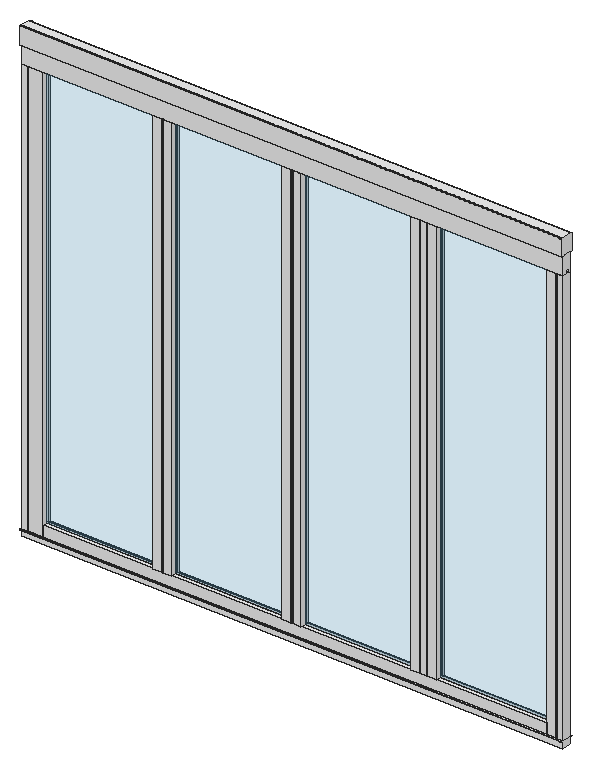
Revit family "Window-NanaWall-HSW-60", category Windows, host Wall, Revit 2013 (continued)
Definition of nested family "Header_HSW60"
  Definition of nested family "Headbottom_HSW60"
    Lines and regions (in)
      model lines, style "DetailComponents", in view "Ref. Level"
        curve 417: line (-0.35496, -8.27911, 0) -> (-0.36725, -8.27911, 0)
        curve 418: line (-0.3684, -8.27844, 0) -> (-0.4441, -8.23473, 0)
        curve 419: line (-0.4441, -8.23473, 0) -> (-0.4654, -8.23473, 0)
        curve 420: line (-0.4654, -8.23473, 0) -> (-0.4441, -8.23473, 0)
        curve 421: line (-0.4441, -8.23473, 0) -> (-0.3684, -8.27844, 0)
        curve 422: line (-0.36725, -8.27911, 0) -> (-0.35496, -8.27911, 0)
        curve 423: line (-0.35496, -8.27911, 0) -> (-0.32789, -8.27911, 0)
        curve 424: line (-0.2442, -8.38461, 0) -> (-0.29373, -8.29883, 0)
        curve 425: line (-0.29373, -8.29883, 0) -> (-0.2442, -8.38461, 0)
        curve 426: line (0.21005, -8.40433, 0) -> (-0.21005, -8.40433, 0)
        curve 427: line (-0.21005, -8.40433, 0) -> (0.21005, -8.40433, 0)
        curve 428: line (0.29373, -8.29883, 0) -> (0.2442, -8.38461, 0)
        curve 429: line (0.2442, -8.38461, 0) -> (0.29373, -8.29883, 0)
        curve 430: line (0.4654, -8.23473, 0) -> (0.4441, -8.23473, 0)
        curve 431: line (0.4441, -8.23473, 0) -> (0.3684, -8.27844, 0)
        curve 432: line (0.36725, -8.27911, 0) -> (0.35496, -8.27911, 0)
        curve 433: line (0.35496, -8.27911, 0) -> (0.32789, -8.27911, 0)
        curve 434: line (0.32789, -8.27911, 0) -> (0.35496, -8.27911, 0)
        curve 435: line (0.35496, -8.27911, 0) -> (0.36725, -8.27911, 0)
        curve 436: line (0.3684, -8.27844, 0) -> (0.4441, -8.23473, 0)
        curve 437: line (0.4441, -8.23473, 0) -> (0.4654, -8.23473, 0)
        curve 438: line (0.35749, -8.35799, 0) -> (0.36725, -8.35799, 0)
        curve 439: line (0.3684, -8.35865, 0) -> (0.4441, -8.40236, 0)
        curve 440: line (0.4441, -8.40236, 0) -> (0.4654, -8.40236, 0)
        curve 441: line (0.4654, -8.40236, 0) -> (0.4441, -8.40236, 0)
        curve 442: line (0.4441, -8.40236, 0) -> (0.3684, -8.35865, 0)
        curve 443: line (0.36725, -8.35799, 0) -> (0.35749, -8.35799, 0)
        curve 444: line (0.35749, -8.35799, 0) -> (0.33239, -8.45147, 0)
        curve 445: line (0.33239, -8.45148, 0) -> (0.35523, -8.36623, 0)
        curve 446: line (-0.2647, -8.47927, 0) -> (0.2647, -8.47927, 0)
        curve 447: line (0.2647, -8.47927, 0) -> (-0.2647, -8.47927, 0)
        curve 448: line (0.28178, -8.46941, 0) -> (0.34041, -8.36785, 0)
        curve 449: line (0.34041, -8.36785, 0) -> (0.28178, -8.46941, 0)
        curve 450: line (-0.34041, -7.51988, 0) -> (-0.28178, -7.41832, 0)
        curve 451: line (-0.28178, -7.41832, 0) -> (-0.34041, -7.51988, 0)
        curve 452: line (-0.47329, -7.49325, 0) -> (-0.47329, -7.6451, 0)
        curve 453: line (-0.47329, -7.6451, 0) -> (-0.47329, -7.49325, 0)
        curve 454: line (-0.47329, -7.49325, 0) -> (-0.47329, -7.6451, 0)
        curve 455: line (-0.47329, -7.6451, 0) -> (-0.47329, -7.49325, 0)
        curve 456: line (-0.47329, -7.49325, 0) -> (-0.47329, -7.6451, 0)
        curve 457: line (-0.47329, -7.6451, 0) -> (-0.47329, -7.49325, 0)
        curve 458: line (-0.32789, -7.60862, 0) -> (-0.35496, -7.60862, 0)
        curve 459: line (-0.35496, -7.60862, 0) -> (-0.36725, -7.60862, 0)
        curve 460: line (-0.3684, -7.60929, 0) -> (-0.4441, -7.65299, 0)
        curve 461: line (-0.4441, -7.65299, 0) -> (-0.4654, -7.65299, 0)
        curve 462: line (-0.4654, -7.65299, 0) -> (-0.4441, -7.65299, 0)
        curve 463: line (-0.4441, -7.65299, 0) -> (-0.3684, -7.60929, 0)
        curve 464: line (-0.36725, -7.60862, 0) -> (-0.35496, -7.60862, 0)
        curve 465: line (-0.35496, -7.60862, 0) -> (-0.32789, -7.60862, 0)
        curve 466: line (-0.2442, -7.50311, 0) -> (-0.29373, -7.5889, 0)
        curve 467: line (-0.29373, -7.5889, 0) -> (-0.2442, -7.50311, 0)
        curve 468: line (0.21005, -7.48339, 0) -> (-0.21005, -7.48339, 0)
        curve 469: line (-0.21005, -7.48339, 0) -> (0.21005, -7.48339, 0)
        curve 470: line (0.29373, -7.5889, 0) -> (0.2442, -7.50311, 0)
        curve 471: line (0.2442, -7.50311, 0) -> (0.29373, -7.5889, 0)
        curve 472: line (0.47329, -7.49325, 0) -> (0.47329, -7.6451, 0)
        curve 473: line (0.47329, -7.6451, 0) -> (0.47329, -7.49325, 0)
        curve 474: line (0.47329, -7.49325, 0) -> (0.47329, -7.6451, 0)
        curve 475: line (0.47329, -7.6451, 0) -> (0.47329, -7.49325, 0)
        curve 476: line (0.47329, -7.49325, 0) -> (0.47329, -7.6451, 0)
        curve 477: line (0.47329, -7.6451, 0) -> (0.47329, -7.49325, 0)
        curve 478: line (0.33239, -7.43625, 0) -> (0.35749, -7.52974, 0)
        curve 479: line (0.35749, -7.52974, 0) -> (0.36725, -7.52974, 0)
        curve 480: line (0.3684, -7.52907, 0) -> (0.4441, -7.48537, 0)
        curve 481: line (0.4441, -7.48537, 0) -> (0.4654, -7.48537, 0)
        curve 482: line (0.4654, -7.48537, 0) -> (0.4441, -7.48537, 0)
        curve 483: line (0.4441, -7.48537, 0) -> (0.3684, -7.52907, 0)
        curve 484: line (0.36725, -7.52974, 0) -> (0.35749, -7.52974, 0)
        curve 485: line (0.35749, -7.52974, 0) -> (0.33239, -7.43625, 0)
        curve 486: line (0.28178, -7.41832, 0) -> (0.34041, -7.51988, 0)
        curve 487: line (0.34041, -7.51988, 0) -> (0.28178, -7.41832, 0)
        curve 488: line (-0.2647, -7.40846, 0) -> (0.2647, -7.40846, 0)
        curve 489: line (0.2647, -7.40846, 0) -> (-0.2647, -7.40846, 0)
        curve 490: line (1.01362, -4.94639, 0) -> (1.01362, -4.96611, 0)
        curve 491: line (1.01362, -4.96611, 0) -> (1.07278, -4.96611, 0)
        curve 492: line (1.07278, -4.96611, 0) -> (1.07278, -5.01738, 0)
        curve 493: line (1.07278, -5.01738, 0) -> (1.0294, -5.01738, 0)
        curve 494: line (1.0294, -5.01738, 0) -> (1.0294, -5.0371, 0)
        curve 495: line (1.0294, -5.0371, 0) -> (1.0294, -5.01738, 0)
        curve 496: line (1.0294, -5.01738, 0) -> (1.07278, -5.01738, 0)
        curve 497: line (1.07278, -5.01738, 0) -> (1.07278, -4.96611, 0)
        curve 498: line (1.07278, -4.96611, 0) -> (1.01362, -4.96611, 0)
        curve 499: line (1.01362, -4.96611, 0) -> (1.01362, -4.94639, 0)
        curve 500: line (1.12405, -8.47631, 0) -> (1.17138, -8.47631, 0)
        curve 501: line (1.17138, -8.47631, 0) -> (1.17138, -4.92667, 0)
        curve 502: line (1.17138, -4.92667, 0) -> (1.03334, -4.92667, 0)
        curve 503: line (1.03334, -4.92667, 0) -> (1.17138, -4.92667, 0)
        curve 504: line (1.17138, -4.92667, 0) -> (1.17138, -8.47631, 0)
        curve 505: line (1.17138, -8.47631, 0) -> (1.12405, -8.47631, 0)
        curve 506: line (1.10433, -8.35404, 0) -> (1.10433, -8.45659, 0)
        curve 507: line (1.10433, -8.45659, 0) -> (1.10433, -8.35404, 0)
        curve 508: line (0.93868, -8.1805, 0) -> (1.0008, -8.1805, 0)
        curve 509: line (1.0008, -8.1805, 0) -> (0.93868, -8.1805, 0)
        curve 510: line (0.93079, -8.26727, 0) -> (0.89924, -8.26727, 0)
        curve 511: line (0.89924, -8.26727, 0) -> (0.89924, -8.21994, 0)
        curve 512: line (0.89924, -8.21994, 0) -> (0.89924, -8.26727, 0)
        curve 513: line (0.89924, -8.26727, 0) -> (0.93079, -8.26727, 0)
        curve 514: line (0.90368, -8.43049, 0) -> (0.9495, -8.29324, 0)
        curve 515: line (0.9495, -8.29324, 0) -> (0.90368, -8.43049, 0)
        curve 516: line (0.35144, -8.47631, 0) -> (0.67169, -8.47631, 0)
        curve 517: line (0.67169, -8.47631, 0) -> (0.69218, -8.46448, 0)
        curve 518: line (0.69218, -8.46448, 0) -> (0.71267, -8.47631, 0)
        curve 519: line (0.71267, -8.47631, 0) -> (0.84008, -8.47631, 0)
        curve 520: line (0.84008, -8.47631, 0) -> (0.71267, -8.47631, 0)
        curve 521: line (0.71267, -8.47631, 0) -> (0.69218, -8.46448, 0)
        curve 522: line (0.69218, -8.46448, 0) -> (0.67169, -8.47631, 0)
        curve 523: line (0.67169, -8.47631, 0) -> (0.35144, -8.47631, 0)
        curve 524: line (0.46145, -8.41609, 0) -> (0.44249, -8.40514, 0)
        curve 525: line (0.44249, -8.40514, 0) -> (0.3668, -8.36144, 0)
        curve 526: line (0.3668, -8.36144, 0) -> (0.44249, -8.40514, 0)
        curve 527: line (0.44249, -8.40514, 0) -> (0.46145, -8.41609, 0)
        curve 528: line (0.47329, -8.22783, 0) -> (0.47329, -8.24262, 0)
        curve 529: line (0.47329, -8.24262, 0) -> (0.47329, -8.39447, 0)
        curve 530: line (0.47329, -8.39447, 0) -> (0.47329, -8.40926, 0)
        curve 531: line (0.47329, -8.40926, 0) -> (0.47329, -8.39447, 0)
        curve 532: line (0.47329, -8.39447, 0) -> (0.47329, -8.24262, 0)
        curve 533: line (0.47329, -8.24262, 0) -> (0.47329, -8.39447, 0)
        curve 534: line (0.47329, -8.39447, 0) -> (0.47329, -8.24262, 0)
        curve 535: line (0.47329, -8.24262, 0) -> (0.47329, -8.39447, 0)
        curve 536: line (0.47329, -8.39447, 0) -> (0.47329, -8.24262, 0)
        curve 537: line (0.47329, -8.24262, 0) -> (0.47329, -8.22783, 0)
        curve 538: line (0.3668, -8.27565, 0) -> (0.44249, -8.23195, 0)
        curve 539: line (0.44249, -8.23195, 0) -> (0.46145, -8.221, 0)
        curve 540: line (0.46145, -8.221, 0) -> (0.44249, -8.23195, 0)
        curve 541: line (0.44249, -8.23195, 0) -> (0.3668, -8.27565, 0)
        curve 542: line (0.35496, -8.27911, 0) -> (0.35496, -8.21417, 0)
        curve 543: line (0.35496, -8.21417, 0) -> (0.35496, -8.26882, 0)
        curve 544: line (0.37468, -7.70771, 0) -> (0.47329, -7.76464, 0)
        curve 545: line (0.47329, -7.76464, 0) -> (0.47329, -8.12309, 0)
        curve 546: line (0.47329, -8.12309, 0) -> (0.37468, -8.18001, 0)
        curve 547: line (0.37468, -8.18001, 0) -> (0.47329, -8.12309, 0)
        curve 548: line (0.47329, -8.12309, 0) -> (0.47329, -7.76464, 0)
        curve 549: line (0.47329, -7.76464, 0) -> (0.37468, -7.70771, 0)
        curve 550: line (0.4654, -7.65299, 0) -> (0.4441, -7.65299, 0)
        curve 551: line (0.4441, -7.65299, 0) -> (0.3684, -7.60929, 0)
        curve 552: line (0.36725, -7.60862, 0) -> (0.35496, -7.60862, 0)
        curve 553: line (0.35496, -7.60862, 0) -> (0.32789, -7.60862, 0)
        curve 554: line (0.32789, -7.60862, 0) -> (0.35496, -7.60862, 0)
        curve 555: line (0.35496, -7.60862, 0) -> (0.36725, -7.60862, 0)
        curve 556: line (0.3684, -7.60929, 0) -> (0.4441, -7.65299, 0)
        curve 557: line (0.4441, -7.65299, 0) -> (0.4654, -7.65299, 0)
        curve 558: line (0.4654, -7.65299, 0) -> (0.4441, -7.65299, 0)
        curve 559: line (0.4441, -7.65299, 0) -> (0.3684, -7.60929, 0)
        curve 560: line (0.36725, -7.60862, 0) -> (0.35496, -7.60862, 0)
        curve 561: line (0.35496, -7.60862, 0) -> (0.35496, -7.67355, 0)
        curve 562: line (0.35496, -7.67355, 0) -> (0.35496, -7.60862, 0)
        curve 563: line (0.65866, -7.41142, 0) -> (0.35144, -7.41142, 0)
        curve 564: line (0.35144, -7.41142, 0) -> (0.65866, -7.41142, 0)
        curve 565: line (0.77698, -7.10378, 0) -> (0.77698, -7.29309, 0)
        curve 566: line (0.77698, -7.29309, 0) -> (0.77698, -7.10378, 0)
        curve 567: line (0.93474, -7.08406, 0) -> (0.7967, -7.08406, 0)
        curve 568: line (0.7967, -7.08406, 0) -> (0.93474, -7.08406, 0)
        curve 569: line (1.01362, -6.19714, 0) -> (1.01362, -7.00518, 0)
        curve 570: line (1.01362, -7.00518, 0) -> (1.01362, -6.19714, 0)
        curve 571: line (0.91282, -6.00142, 0) -> (1.00305, -6.1577, 0)
        curve 572: line (1.00305, -6.1577, 0) -> (0.91282, -6.00142, 0)
        curve 573: line (0.6133, -5.99156, 0) -> (0.89575, -5.99156, 0)
        curve 574: line (0.89575, -5.99156, 0) -> (0.6133, -5.99156, 0)
        curve 575: line (0.55768, -6.10646, 0) -> (0.59477, -6.00453, 0)
        curve 576: line (0.59477, -6.00453, 0) -> (0.55768, -6.10646, 0)
        curve 577: line (0.48117, -5.81408, 0) -> (0.48117, -6.09297, 0)
        curve 578: line (0.48117, -6.09297, 0) -> (0.48117, -5.81408, 0)
        curve 579: line (1.03334, -5.79436, 0) -> (0.50089, -5.79436, 0)
        curve 580: line (0.50089, -5.79436, 0) -> (1.03334, -5.79436, 0)
        curve 581: line (1.07278, -5.22247, 0) -> (1.07278, -5.75492, 0)
        curve 582: line (1.07278, -5.75492, 0) -> (1.07278, -5.22247, 0)
        curve 583: line (0.8953, -5.26191, 0) -> (0.8953, -5.20275, 0)
        curve 584: line (0.8953, -5.20275, 0) -> (1.05306, -5.20275, 0)
        curve 585: line (1.05306, -5.20275, 0) -> (0.8953, -5.20275, 0)
        curve 586: line (0.8953, -5.20275, 0) -> (0.8953, -5.26191, 0)
        curve 587: line (0.84403, -5.28163, 0) -> (0.87558, -5.28163, 0)
        curve 588: line (0.87558, -5.28163, 0) -> (0.84403, -5.28163, 0)
        curve 589: line (0.71782, -5.20275, 0) -> (0.82431, -5.20275, 0)
        curve 590: line (0.82431, -5.20275, 0) -> (0.82431, -5.26191, 0)
        curve 591: line (0.82431, -5.26191, 0) -> (0.82431, -5.20275, 0)
        curve 592: line (0.82431, -5.20275, 0) -> (0.71782, -5.20275, 0)
        curve 593: line (0.6981, -4.94639, 0) -> (0.6981, -5.18303, 0)
        curve 594: line (0.6981, -5.18303, 0) -> (0.6981, -4.94639, 0)
        curve 595: line (0.81642, -4.92667, 0) -> (0.71782, -4.92667, 0)
        curve 596: line (0.71782, -4.92667, 0) -> (0.81642, -4.92667, 0)
        curve 597: line (0.82036, -5.0371, 0) -> (0.82036, -5.01738, 0)
        curve 598: line (0.82036, -5.01738, 0) -> (0.77698, -5.01738, 0)
        curve 599: line (0.77698, -5.01738, 0) -> (0.77698, -4.96611, 0)
        curve 600: line (0.77698, -4.96611, 0) -> (0.83614, -4.96611, 0)
        curve 601: line (0.83614, -4.96611, 0) -> (0.83614, -4.94639, 0)
        curve 602: line (0.83614, -4.94639, 0) -> (0.83614, -4.96611, 0)
        curve 603: line (0.83614, -4.96611, 0) -> (0.77698, -4.96611, 0)
        curve 604: line (0.77698, -4.96611, 0) -> (0.77698, -5.01738, 0)
        curve 605: line (0.77698, -5.01738, 0) -> (0.82036, -5.01738, 0)
        curve 606: line (0.82036, -5.01738, 0) -> (0.82036, -5.0371, 0)
        curve 607: line (1.04912, -5.05682, 0) -> (1.07278, -5.05682, 0)
        curve 608: line (1.07278, -5.05682, 0) -> (1.07278, -5.12387, 0)
        curve 609: line (1.07278, -5.12387, 0) -> (0.77698, -5.12387, 0)
        curve 610: line (0.77698, -5.12387, 0) -> (0.77698, -5.05682, 0)
        curve 611: line (0.77698, -5.05682, 0) -> (0.80064, -5.05682, 0)
        curve 612: line (0.80064, -5.05682, 0) -> (0.77698, -5.05682, 0)
        curve 613: line (0.77698, -5.05682, 0) -> (0.77698, -5.12387, 0)
        curve 614: line (0.77698, -5.12387, 0) -> (1.07278, -5.12387, 0)
        curve 615: line (1.07278, -5.12387, 0) -> (1.07278, -5.05682, 0)
        curve 616: line (1.07278, -5.05682, 0) -> (1.04912, -5.05682, 0)
        curve 617: line (0.84008, -8.21994, 0) -> (0.84008, -8.40926, 0)
        curve 618: line (0.84008, -8.40926, 0) -> (0.55217, -8.40926, 0)
        curve 619: line (0.55217, -8.40926, 0) -> (0.55217, -7.47846, 0)
        curve 620: line (0.55217, -7.47846, 0) -> (0.66072, -7.47846, 0)
        curve 621: line (0.66072, -7.47846, 0) -> (0.55217, -7.47846, 0)
        curve 622: line (0.55217, -7.47846, 0) -> (0.55217, -8.40926, 0)
        curve 623: line (0.55217, -8.40926, 0) -> (0.84008, -8.40926, 0)
        curve 624: line (0.84008, -8.40926, 0) -> (0.84008, -8.21994, 0)
        curve 625: line (0.84403, -7.3207, 0) -> (0.86375, -7.3207, 0)
        curve 626: line (0.86375, -7.3207, 0) -> (0.86375, -7.24182, 0)
        curve 627: line (0.86375, -7.24182, 0) -> (0.84403, -7.24182, 0)
        curve 628: line (0.84403, -7.24182, 0) -> (0.84403, -7.16294, 0)
        curve 629: line (0.84403, -7.16294, 0) -> (1.10039, -7.16294, 0)
        curve 630: line (1.10039, -7.16294, 0) -> (1.10039, -8.11346, 0)
        curve 631: line (1.10039, -8.11346, 0) -> (0.94657, -8.11346, 0)
        curve 632: line (0.94657, -8.11346, 0) -> (1.10039, -8.11346, 0)
        curve 633: line (1.10039, -8.11346, 0) -> (1.10039, -7.16294, 0)
        curve 634: line (1.10039, -7.16294, 0) -> (0.84403, -7.16294, 0)
        curve 635: line (0.84403, -7.16294, 0) -> (0.84403, -7.24182, 0)
        curve 636: line (0.84403, -7.24182, 0) -> (0.86375, -7.24182, 0)
        curve 637: line (0.86375, -7.24182, 0) -> (0.86375, -7.3207, 0)
        curve 638: line (0.86375, -7.3207, 0) -> (0.84403, -7.3207, 0)
        curve 639: line (-0.84196, -7.3207, 0) -> (-0.86375, -7.3207, 0)
        curve 640: line (-0.86375, -7.3207, 0) -> (-0.86375, -7.24182, 0)
        curve 641: line (-0.86375, -7.24182, 0) -> (-0.84403, -7.24182, 0)
        curve 642: line (-0.84403, -7.24182, 0) -> (-0.84403, -7.16294, 0)
        curve 643: line (-0.84403, -7.16294, 0) -> (-1.10039, -7.16294, 0)
        curve 644: line (-1.10039, -7.16294, 0) -> (-1.10039, -8.33038, 0)
        curve 645: line (-1.10039, -8.33038, 0) -> (-0.97671, -8.33038, 0)
        curve 646: line (-0.97671, -8.33038, 0) -> (-0.84008, -8.40926, 0)
        curve 647: line (-0.84008, -8.40926, 0) -> (-0.55217, -8.40926, 0)
        curve 648: line (-0.55217, -8.40926, 0) -> (-0.55217, -7.47846, 0)
        curve 649: line (-0.55217, -7.47846, 0) -> (-0.65866, -7.47846, 0)
        curve 650: line (-0.65866, -7.47846, 0) -> (-0.55217, -7.47846, 0)
        curve 651: line (-0.55217, -7.47846, 0) -> (-0.55217, -8.40926, 0)
        curve 652: line (-0.55217, -8.40926, 0) -> (-0.84008, -8.40926, 0)
        curve 653: line (-0.84008, -8.40926, 0) -> (-0.97671, -8.33038, 0)
        curve 654: line (-0.97671, -8.33038, 0) -> (-1.10039, -8.33038, 0)
        curve 655: line (-1.10039, -8.33038, 0) -> (-1.10039, -7.16294, 0)
        curve 656: line (-1.10039, -7.16294, 0) -> (-0.84403, -7.16294, 0)
        curve 657: line (-0.84403, -7.16294, 0) -> (-0.84403, -7.24182, 0)
        curve 658: line (-0.84403, -7.24182, 0) -> (-0.86375, -7.24182, 0)
        curve 659: line (-0.86375, -7.24182, 0) -> (-0.86375, -7.3207, 0)
        curve 660: line (-0.86375, -7.3207, 0) -> (-0.84196, -7.3207, 0)
        curve 661: line (-1.0294, -5.0371, 0) -> (-1.0294, -5.01738, 0)
        curve 662: line (-1.0294, -5.01738, 0) -> (-1.07278, -5.01738, 0)
        curve 663: line (-1.07278, -5.01738, 0) -> (-1.07278, -4.96611, 0)
        curve 664: line (-1.07278, -4.96611, 0) -> (-1.01362, -4.96611, 0)
        curve 665: line (-1.01362, -4.96611, 0) -> (-1.01362, -4.94639, 0)
        curve 666: line (-1.01362, -4.94639, 0) -> (-1.01362, -4.96611, 0)
        curve 667: line (-1.01362, -4.96611, 0) -> (-1.07278, -4.96611, 0)
        curve 668: line (-1.07278, -4.96611, 0) -> (-1.07278, -5.01738, 0)
        curve 669: line (-1.07278, -5.01738, 0) -> (-1.0294, -5.01738, 0)
        curve 670: line (-1.0294, -5.01738, 0) -> (-1.0294, -5.0371, 0)
        curve 671: line (-1.03334, -4.92667, 0) -> (-1.17138, -4.92667, 0)
        curve 672: line (-1.17138, -4.92667, 0) -> (-1.17138, -9.24934, 0)
        curve 673: line (-1.17138, -9.24934, 0) -> (-0.9939, -9.24934, 0)
        curve 674: line (-0.9939, -9.24934, 0) -> (-0.9939, -9.16257, 0)
        curve 675: line (-0.9939, -9.16257, 0) -> (-0.9939, -9.24934, 0)
        curve 676: line (-0.9939, -9.24934, 0) -> (-1.17138, -9.24934, 0)
        curve 677: line (-1.17138, -9.24934, 0) -> (-1.17138, -4.92667, 0)
        curve 678: line (-1.17138, -4.92667, 0) -> (-1.03334, -4.92667, 0)
        curve 679: line (-1.00573, -9.15074, 0) -> (-1.03334, -9.15074, 0)
        curve 680: line (-1.03334, -9.15074, 0) -> (-1.03334, -9.19018, 0)
        curve 681: line (-1.03334, -9.19018, 0) -> (-1.11222, -9.19018, 0)
        curve 682: line (-1.11222, -9.19018, 0) -> (-1.11222, -8.83127, 0)
        curve 683: line (-1.11222, -8.83127, 0) -> (-1.03334, -8.83127, 0)
        curve 684: line (-1.03334, -8.83127, 0) -> (-1.03334, -8.87071, 0)
        curve 685: line (-1.03334, -8.87071, 0) -> (-1.00573, -8.87071, 0)
        curve 686: line (-1.00573, -8.87071, 0) -> (-1.03334, -8.87071, 0)
        curve 687: line (-1.03334, -8.87071, 0) -> (-1.03334, -8.83127, 0)
        curve 688: line (-1.03334, -8.83127, 0) -> (-1.11222, -8.83127, 0)
        curve 689: line (-1.11222, -8.83127, 0) -> (-1.11222, -9.19018, 0)
        curve 690: line (-1.11222, -9.19018, 0) -> (-1.03334, -9.19018, 0)
        curve 691: line (-1.03334, -9.19018, 0) -> (-1.03334, -9.15074, 0)
        curve 692: line (-1.03334, -9.15074, 0) -> (-1.00573, -9.15074, 0)
        curve 693: line (-0.9939, -8.85888, 0) -> (-0.9939, -8.8155, 0)
        curve 694: line (-0.9939, -8.8155, 0) -> (-0.9939, -8.85888, 0)
        curve 695: line (-1.03334, -8.77606, 0) -> (-1.10039, -8.77606, 0)
        curve 696: line (-1.10039, -8.77606, 0) -> (-1.10039, -8.39743, 0)
        curve 697: line (-1.10039, -8.39743, 0) -> (-0.99467, -8.39743, 0)
        curve 698: line (-0.99467, -8.39743, 0) -> (-0.87361, -8.46732, 0)
        curve 699: line (-0.87361, -8.46732, 0) -> (-0.99467, -8.39743, 0)
        curve 700: line (-0.99467, -8.39743, 0) -> (-1.10039, -8.39743, 0)
        curve 701: line (-1.10039, -8.39743, 0) -> (-1.10039, -8.77606, 0)
        curve 702: line (-1.10039, -8.77606, 0) -> (-1.03334, -8.77606, 0)
        curve 703: line (-0.84008, -8.47631, 0) -> (-0.71267, -8.47631, 0)
        curve 704: line (-0.71267, -8.47631, 0) -> (-0.69218, -8.46448, 0)
        curve 705: line (-0.69218, -8.46448, 0) -> (-0.67203, -8.47611, 0)
        curve 706: line (-0.67169, -8.47631, 0) -> (-0.35144, -8.47631, 0)
        curve 707: line (-0.35144, -8.47631, 0) -> (-0.67169, -8.47631, 0)
        curve 708: line (-0.67169, -8.47631, 0) -> (-0.69218, -8.46448, 0)
        curve 709: line (-0.69218, -8.46448, 0) -> (-0.71267, -8.47631, 0)
        curve 710: line (-0.71267, -8.47631, 0) -> (-0.84008, -8.47631, 0)
        curve 711: line (-0.37468, -7.70771, 0) -> (-0.47329, -7.76464, 0)
        curve 712: line (-0.47329, -7.76464, 0) -> (-0.47329, -8.12309, 0)
        curve 713: line (-0.47329, -8.12309, 0) -> (-0.37468, -8.18001, 0)
        curve 714: line (-0.37468, -8.18001, 0) -> (-0.47329, -8.12309, 0)
        curve 715: line (-0.47329, -8.12309, 0) -> (-0.47329, -7.76464, 0)
        curve 716: line (-0.47329, -7.76464, 0) -> (-0.37468, -7.70771, 0)
        curve 717: line (-0.4654, -7.65299, 0) -> (-0.4441, -7.65299, 0)
        curve 718: line (-0.4441, -7.65299, 0) -> (-0.3684, -7.60929, 0)
        curve 719: line (-0.36725, -7.60862, 0) -> (-0.35496, -7.60862, 0)
        curve 720: line (-0.35496, -7.60862, 0) -> (-0.35496, -7.67355, 0)
        curve 721: line (-0.35496, -7.67355, 0) -> (-0.35496, -7.60862, 0)
        curve 722: line (-0.35144, -7.41142, 0) -> (-0.65866, -7.41142, 0)
        curve 723: line (-0.65866, -7.41142, 0) -> (-0.35144, -7.41142, 0)
        curve 724: line (-0.7967, -7.08406, 0) -> (-0.93474, -7.08406, 0)
        curve 725: line (-0.93474, -7.08406, 0) -> (-0.7967, -7.08406, 0)
        curve 726: line (-1.01362, -7.00518, 0) -> (-1.01362, -6.19714, 0)
        curve 727: line (-1.01362, -6.19714, 0) -> (-1.01362, -7.00518, 0)
        curve 728: line (-1.00305, -6.1577, 0) -> (-0.91282, -6.00142, 0)
        curve 729: line (-0.91282, -6.00142, 0) -> (-1.00305, -6.1577, 0)
        curve 730: line (-0.89575, -5.99156, 0) -> (-0.6133, -5.99156, 0)
        curve 731: line (-0.6133, -5.99156, 0) -> (-0.89575, -5.99156, 0)
        curve 732: line (-0.59477, -6.00453, 0) -> (-0.55768, -6.10646, 0)
        curve 733: line (-0.55768, -6.10646, 0) -> (-0.59477, -6.00453, 0)
        curve 734: line (-0.48117, -6.09297, 0) -> (-0.48117, -5.81408, 0)
        curve 735: line (-0.48117, -5.81408, 0) -> (-0.48117, -6.09297, 0)
        curve 736: line (-0.50089, -5.79436, 0) -> (-1.03334, -5.79436, 0)
        curve 737: line (-1.03334, -5.79436, 0) -> (-0.50089, -5.79436, 0)
        curve 738: line (-1.07278, -5.75492, 0) -> (-1.07278, -5.22247, 0)
        curve 739: line (-1.07278, -5.22247, 0) -> (-1.07278, -5.75492, 0)
        curve 740: line (-1.05306, -5.20275, 0) -> (-0.8953, -5.20275, 0)
        curve 741: line (-0.8953, -5.20275, 0) -> (-0.8953, -5.26191, 0)
        curve 742: line (-0.8953, -5.26191, 0) -> (-0.8953, -5.20275, 0)
        curve 743: line (-0.8953, -5.20275, 0) -> (-1.05306, -5.20275, 0)
        curve 744: line (-0.87558, -5.28163, 0) -> (-0.84403, -5.28163, 0)
        curve 745: line (-0.84403, -5.28163, 0) -> (-0.87558, -5.28163, 0)
        curve 746: line (-0.82431, -5.26191, 0) -> (-0.82431, -5.20275, 0)
        curve 747: line (-0.82431, -5.20275, 0) -> (-0.71782, -5.20275, 0)
        curve 748: line (-0.71782, -5.20275, 0) -> (-0.82431, -5.20275, 0)
        curve 749: line (-0.82431, -5.20275, 0) -> (-0.82431, -5.26191, 0)
        curve 750: line (-0.6981, -5.18303, 0) -> (-0.6981, -4.94639, 0)
        curve 751: line (-0.6981, -4.94639, 0) -> (-0.6981, -5.18303, 0)
        curve 752: line (-0.71782, -4.92667, 0) -> (-0.81642, -4.92667, 0)
        curve 753: line (-0.81642, -4.92667, 0) -> (-0.71782, -4.92667, 0)
        curve 754: line (-0.83614, -4.94639, 0) -> (-0.83614, -4.96611, 0)
        curve 755: line (-0.83614, -4.96611, 0) -> (-0.77698, -4.96611, 0)
        curve 756: line (-0.77698, -4.96611, 0) -> (-0.77698, -5.01738, 0)
        curve 757: line (-0.77698, -5.01738, 0) -> (-0.82036, -5.01738, 0)
        curve 758: line (-0.82036, -5.01738, 0) -> (-0.82036, -5.0371, 0)
        curve 759: line (-0.82036, -5.0371, 0) -> (-0.82036, -5.01738, 0)
        curve 760: line (-0.82036, -5.01738, 0) -> (-0.77698, -5.01738, 0)
        curve 761: line (-0.77698, -5.01738, 0) -> (-0.77698, -4.96611, 0)
        curve 762: line (-0.77698, -4.96611, 0) -> (-0.83614, -4.96611, 0)
        curve 763: line (-0.83614, -4.96611, 0) -> (-0.83614, -4.94639, 0)
        curve 764: line (-0.80064, -5.05682, 0) -> (-0.77698, -5.05682, 0)
        curve 765: line (-0.77698, -5.05682, 0) -> (-0.77698, -5.12387, 0)
        curve 766: line (-0.77698, -5.12387, 0) -> (-1.07278, -5.12387, 0)
        curve 767: line (-1.07278, -5.12387, 0) -> (-1.07278, -5.05682, 0)
        curve 768: line (-1.07278, -5.05682, 0) -> (-1.04912, -5.05682, 0)
        curve 769: line (-1.04912, -5.05682, 0) -> (-1.07278, -5.05682, 0)
        curve 770: line (-1.07278, -5.05682, 0) -> (-1.07278, -5.12387, 0)
        curve 771: line (-1.07278, -5.12387, 0) -> (-0.77698, -5.12387, 0)
        curve 772: line (-0.77698, -5.12387, 0) -> (-0.77698, -5.05682, 0)
        curve 773: line (-0.77698, -5.05682, 0) -> (-0.80064, -5.05682, 0)
        curve 774: line (-0.77698, -7.29309, 0) -> (-0.77698, -7.10378, 0)
        curve 775: line (-0.77698, -7.10378, 0) -> (-0.77698, -7.29309, 0)
        curve 776: line (-0.35749, -8.35799, 0) -> (-0.36725, -8.35799, 0)
        curve 777: line (-0.3684, -8.35865, 0) -> (-0.4441, -8.40236, 0)
        curve 778: line (-0.4441, -8.40236, 0) -> (-0.4654, -8.40236, 0)
        curve 779: line (-0.4654, -8.40236, 0) -> (-0.4441, -8.40236, 0)
        curve 780: line (-0.4441, -8.40236, 0) -> (-0.3684, -8.35865, 0)
        curve 781: line (-0.36725, -8.35799, 0) -> (-0.35749, -8.35799, 0)
        curve 782: line (-0.35749, -8.35799, 0) -> (-0.33239, -8.45147, 0)
        curve 783: line (-0.33239, -8.45147, 0) -> (-0.35749, -8.35799, 0)
        curve 784: line (-0.35749, -8.35799, 0) -> (-0.36725, -8.35799, 0)
        curve 785: line (-0.3684, -8.35865, 0) -> (-0.4441, -8.40236, 0)
        curve 786: line (-0.4441, -8.40236, 0) -> (-0.4654, -8.40236, 0)
        curve 787: line (-0.35749, -7.52974, 0) -> (-0.36725, -7.52974, 0)
        curve 788: line (-0.3684, -7.52907, 0) -> (-0.4441, -7.48537, 0)
        curve 789: line (-0.4441, -7.48537, 0) -> (-0.4654, -7.48537, 0)
        curve 790: line (-0.4654, -7.48537, 0) -> (-0.4441, -7.48537, 0)
        curve 791: line (-0.4441, -7.48537, 0) -> (-0.3684, -7.52907, 0)
        curve 792: line (-0.36725, -7.52974, 0) -> (-0.35744, -7.52974, 0)
        curve 793: line (-0.35744, -7.52974, 0) -> (-0.33239, -7.43624, 0)
        curve 794: line (-0.33239, -7.43625, 0) -> (-0.35749, -7.52974, 0)
        curve 795: line (-0.35749, -7.52974, 0) -> (-0.36725, -7.52974, 0)
        curve 796: line (-0.3684, -7.52907, 0) -> (-0.4441, -7.48537, 0)
        curve 797: line (-0.4441, -7.48537, 0) -> (-0.4654, -7.48537, 0)
        curve 798: line (0.31947, -8.67331, 0) -> (-1.10039, -8.47611, 0)
        curve 799: line (-1.10039, -8.47611, 0) -> (0.31947, -8.47611, 0)
        curve 800: line (0.31947, -8.47611, 0) -> (-1.10039, -8.67331, 0)
        curve 801: line (-1.10039, -8.67331, 0) -> (0.31947, -8.67331, 0)
        curve 802: line (0.31947, -8.67331, 0) -> (0.31947, -8.47611, 0)
        curve 803: line (-1.10039, -8.67331, 0) -> (-1.10039, -8.47611, 0)
        curve 804: line (-1.08771, -8.89353, 0) -> (-1.03334, -8.83916, 0)
        curve 805: line (-1.03334, -8.83916, 0) -> (-1.03334, -8.87071, 0)
        curve 806: line (-1.03334, -8.87071, 0) -> (-0.9939, -8.87071, 0)
        curve 807: line (-0.9939, -8.87071, 0) -> (-0.9939, -8.83916, 0)
        curve 808: line (-0.9939, -8.83916, 0) -> (-0.98601, -8.83916, 0)
        curve 809: line (-1.07551, -8.93033, 0) -> (-1.08508, -8.92363, 0)
        curve 810: line (-1.04187, -9.03439, 0) -> (-1.04187, -8.99495, 0)
        curve 811: line (-0.95643, -8.87071, 0) -> (-0.95643, -9.08549, 0)
        curve 812: line (-0.9939, -9.24934, 0) -> (-0.9939, -9.15074, 0)
        curve 813: line (-0.9939, -9.15074, 0) -> (-1.03334, -9.15074, 0)
        curve 814: line (-1.03334, -9.15074, 0) -> (-1.03334, -9.19018, 0)
        curve 815: line (-1.03334, -9.19018, 0) -> (-1.08771, -9.13581, 0)
        curve 816: line (-1.08508, -9.10571, 0) -> (-1.07551, -9.09901, 0)
        curve 817: line (-0.83614, -9.27731, 0) -> (-0.83614, -9.15242, 0)
        curve 818: line (0.52898, -8.48786, 0) -> (0.34333, -8.67351, 0)
        curve 819: line (0.34333, -8.67351, 0) -> (0.34333, -8.92742, 0)
        curve 820: line (0.34333, -8.92742, 0) -> (0.12999, -8.96573, 0)
        curve 821: line (0.40249, -8.90226, 0) -> (0.40249, -8.72562, 0)
        curve 822: line (1.15166, -8.47631, 0) -> (1.17138, -8.47631, 0)
        curve 823: line (1.17138, -8.47631, 0) -> (1.17138, -9.26512, 0)
        curve 824: line (1.17138, -9.26512, 0) -> (0.42201, -9.26512, 0)
        curve 825: line (0.42201, -9.26512, 0) -> (0.42201, -9.16652, 0)
        curve 826: line (0.42201, -9.16652, 0) -> (0.46145, -9.16652, 0)
        curve 827: line (0.46145, -9.16652, 0) -> (0.43385, -9.16652, 0)
        curve 828: line (0.13821, -9.18982, 0) -> (0.34313, -9.15299, 0)
        curve 829: line (0.34313, -9.15299, 0) -> (0.34313, -9.24558, 0)
        curve 830: line (0.34313, -9.24558, 0) -> (0.12675, -9.31756, 0)
        curve 831: line (0.1341, -9.36372, 0) -> (0.19326, -9.36372, 0)
        curve 832: line (0.19326, -9.36372, 0) -> (0.46674, -9.32428, 0)
        curve 833: line (0.46674, -9.32428, 0) -> (0.50089, -9.26512, 0)
        curve 834: line (0.50089, -9.26512, 0) -> (0.42201, -9.26512, 0)
        curve 835: line (0.42201, -9.26512, 0) -> (0.42201, -9.17835, 0)
        curve 836: line (0.1341, -9.0127, 0) -> (0.34313, -9.0127, 0)
        curve 837: line (0.34313, -9.0127, 0) -> (0.34313, -9.06381, 0)
        curve 838: line (0.34313, -9.06381, 0) -> (0.126, -9.14428, 0)
        curve 839: line (0.42201, -8.67849, 0) -> (0.59053, -8.50997, 0)
        curve 840: line (0.57659, -8.47631, 0) -> (0.55687, -8.47631, 0)
        curve 841: line (0.65077, -9.19807, 0) -> (1.06489, -9.19807, 0)
        curve 842: line (0.42201, -8.87466, 0) -> (0.42201, -8.79183, 0)
        curve 843: line (0.42201, -8.79183, 0) -> (0.57189, -8.79183, 0)
        curve 844: line (0.43385, -8.88649, 0) -> (0.46145, -8.88649, 0)
        curve 845: line (0.46145, -8.88649, 0) -> (0.46145, -8.84705, 0)
        curve 846: line (0.46145, -8.84705, 0) -> (0.55217, -8.84705, 0)
        curve 847: line (0.55217, -8.84705, 0) -> (0.55217, -9.20596, 0)
        curve 848: line (0.55217, -9.20596, 0) -> (0.46145, -9.20596, 0)
        curve 849: line (0.46145, -9.20596, 0) -> (0.46145, -9.16652, 0)
        curve 850: line (0.46145, -9.16652, 0) -> (0.46145, -9.1468, 0)
        curve 851: line (0.46145, -9.1468, 0) -> (0.39967, -8.95734, 0)
        curve 852: line (0.61133, -8.83127, 0) -> (0.61133, -9.15863, 0)
        curve 853: line (1.04912, -8.27122, 0) -> (1.04912, -8.38165, 0)
        curve 854: line (1.04912, -8.38165, 0) -> (1.09278, -8.42532, 0)
        curve 855: line (1.10433, -9.15863, 0) -> (1.10433, -8.55519, 0)
        curve 856: line (1.10433, -8.55519, 0) -> (1.04912, -8.49997, 0)
        curve 857: line (1.04912, -8.49997, 0) -> (1.04912, -8.45974, 0)
        curve 858: line (1.04912, -8.45974, 0) -> (0.9939, -8.40452, 0)
        curve 859: line (0.9939, -8.40452, 0) -> (0.9939, -8.29488, 0)
        curve 860: line (0.93277, -8.19234, 0) -> (0.97024, -8.19234, 0)
        curve 861: line (0.95446, -8.25544, 0) -> (0.93277, -8.25544, 0)
        curve 862: line (1.10433, -8.4532, 0) -> (1.10433, -8.47631, 0)
        curve 863: line (0.11043, -9.34005, 0) -> (0.11043, -8.67331, 0)
        curve 864: line (0.11043, -8.67331, 0) -> (-0.83614, -8.67331, 0)
        curve 865: line (-0.83614, -8.67331, 0) -> (-0.83614, -9.27731, 0)
        curve 866: line (0.4654, -7.48537, 0) -> (0.4441, -7.48537, 0)
        curve 867: line (0.4441, -7.48537, 0) -> (0.3684, -7.52907, 0)
        curve 868: line (0.36725, -7.52974, 0) -> (0.35749, -7.52974, 0)
        curve 869: line (-0.4654, -8.23473, 0) -> (-0.4441, -8.23473, 0)
        curve 870: line (-0.4441, -8.23473, 0) -> (-0.3684, -8.27844, 0)
        curve 871: line (-0.36725, -8.27911, 0) -> (-0.35496, -8.27911, 0)
        curve 872: line (-0.35496, -8.27911, 0) -> (-0.35496, -8.21417, 0)
        curve 873: line (-0.35496, -8.21417, 0) -> (-0.35496, -8.27911, 0)
  Definition of nested family "Headtop_HSW60"
    Parameters (values of type "Headtop_HSW60")
      Assembly Code = ""
      95 CSI = ""
      04 CSI = ""
    Reference planes (in)
      plane 1 "Center (Front/Back)": y = 0
      plane 2: z = 0
      plane 3 "Center (Left/Right)": x = 0
    Lines and regions (in)
      model lines, style "DetailComponents", in view "Ref. Level"
        curve 1: arc (-1.26209, -0.56005, 0) -> (-1.27604, -0.56583, 0) -> (-1.28181, -0.57977, 0) r 0.01972
        curve 2: arc (-1.28181, -0.36285, 0) -> (-1.27604, -0.3768, 0) -> (-1.26209, -0.38257, 0) r 0.01972
        curve 3: arc (-1.35624, -0.47176, 0) -> (-1.35281, -0.46343, 0) -> (-1.35624, -0.4551, 0) r 0.01183
        curve 4: arc (-1.40443, -0.40649, 0) -> (-1.41271, -0.40462, 0) -> (-1.41789, -0.41135, 0) r 0.00789
        curve 5: arc (-1.41789, -0.5155, 0) -> (-1.41271, -0.52223, 0) -> (-1.40443, -0.52037, 0) r 0.00789
        curve 6: arc (-1.14984, -0.52009, 0) -> (-1.12583, -0.46343, 0) -> (-1.14984, -0.40676, 0) r 0.07888
        curve 7: arc (1.28181, -0.57977, 0) -> (1.27604, -0.56583, 0) -> (1.26209, -0.56005, 0) r 0.01972
        curve 8: arc (1.26209, -0.38257, 0) -> (1.27604, -0.3768, 0) -> (1.28181, -0.36285, 0) r 0.01972
        curve 9: arc (1.35624, -0.4551, 0) -> (1.35281, -0.46343, 0) -> (1.35624, -0.47176, 0) r 0.01183
        curve 10: arc (1.41789, -0.41135, 0) -> (1.41271, -0.40462, 0) -> (1.40443, -0.40649, 0) r 0.00789
        curve 11: arc (1.40443, -0.52037, 0) -> (1.41271, -0.52223, 0) -> (1.41789, -0.5155, 0) r 0.00789
        curve 12: arc (1.14984, -0.40676, 0) -> (1.12583, -0.46343, 0) -> (1.14984, -0.52009, 0) r 0.07888
        curve 13: arc (1.4179, -4.15492, 0) -> (1.41273, -4.14819, 0) -> (1.40445, -4.15004, 0) r 0.00789
        curve 14: arc (1.35625, -4.19854, 0) -> (1.35281, -4.20688, 0) -> (1.35625, -4.21522, 0) r 0.01183
        curve 15: arc (1.40445, -4.26371, 0) -> (1.41273, -4.26557, 0) -> (1.4179, -4.25884, 0) r 0.00789
        curve 16: arc (1.51057, -4.51254, 0) -> (1.51635, -4.52649, 0) -> (1.53029, -4.53226, 0) r 0.01972
        curve 17: arc (1.5579, -4.53226, 0) -> (1.57184, -4.52649, 0) -> (1.57762, -4.51254, 0) r 0.01972
        curve 18: arc (1.57762, -0.15437, 0) -> (1.57184, -0.14043, 0) -> (1.5579, -0.13465, 0) r 0.01972
        curve 19: arc (1.53029, -0.13465, 0) -> (1.51635, -0.14043, 0) -> (1.51057, -0.15437, 0) r 0.01972
        curve 20: arc (1.4179, -0.40807, 0) -> (1.41273, -0.40135, 0) -> (1.40445, -0.4032, 0) r 0.00789
        curve 21: arc (1.35625, -0.45169, 0) -> (1.35281, -0.46003, 0) -> (1.35625, -0.46838, 0) r 0.01183
        curve 22: arc (1.40445, -0.51687, 0) -> (1.41273, -0.51872, 0) -> (1.4179, -0.51199, 0) r 0.00789
        curve 23: arc (1.43447, -2.12278, 0) -> (1.42393, -2.12983, 0) -> (1.41986, -2.14183, 0) r 0.01972
        curve 24: arc (1.41986, -2.17767, 0) -> (1.42294, -2.18392, 0) -> (1.42979, -2.18529, 0) r 0.00789
        curve 25: arc (1.51057, -2.17392, 0) -> (1.50748, -2.16766, 0) -> (1.50064, -2.1663, 0) r 0.00789
        curve 26: arc (1.50064, -2.50061, 0) -> (1.50748, -2.49925, 0) -> (1.51057, -2.49299, 0) r 0.00789
        curve 27: arc (1.42979, -2.48163, 0) -> (1.42294, -2.48299, 0) -> (1.41986, -2.48925, 0) r 0.00789
        curve 28: arc (1.41986, -2.52508, 0) -> (1.42393, -2.53709, 0) -> (1.43447, -2.54413, 0) r 0.01972
        curve 29: arc (-1.40445, -4.15004, 0) -> (-1.41273, -4.14819, 0) -> (-1.4179, -4.15492, 0) r 0.00789
        curve 30: arc (-1.35625, -4.21522, 0) -> (-1.35281, -4.20688, 0) -> (-1.35625, -4.19854, 0) r 0.01183
        curve 31: arc (-1.4179, -4.25884, 0) -> (-1.41273, -4.26557, 0) -> (-1.40445, -4.26371, 0) r 0.00789
        curve 32: arc (-1.53029, -4.53226, 0) -> (-1.51635, -4.52649, 0) -> (-1.51057, -4.51254, 0) r 0.01972
        curve 33: arc (-1.57762, -4.51254, 0) -> (-1.57184, -4.52649, 0) -> (-1.5579, -4.53226, 0) r 0.01972
        curve 34: arc (-1.5579, -0.13465, 0) -> (-1.57184, -0.14043, 0) -> (-1.57762, -0.15437, 0) r 0.01972
        curve 35: arc (-1.51057, -0.15437, 0) -> (-1.51635, -0.14043, 0) -> (-1.53029, -0.13465, 0) r 0.01972
        curve 36: arc (-1.40445, -0.4032, 0) -> (-1.41273, -0.40135, 0) -> (-1.4179, -0.40807, 0) r 0.00789
        curve 37: arc (-1.35625, -0.46838, 0) -> (-1.35281, -0.46003, 0) -> (-1.35625, -0.45169, 0) r 0.01183
        curve 38: arc (-1.4179, -0.51199, 0) -> (-1.41273, -0.51872, 0) -> (-1.40445, -0.51687, 0) r 0.00789
        curve 39: arc (-1.41986, -2.14183, 0) -> (-1.42393, -2.12983, 0) -> (-1.43447, -2.12278, 0) r 0.01972
        curve 40: arc (-1.42979, -2.18529, 0) -> (-1.42294, -2.18392, 0) -> (-1.41986, -2.17767, 0) r 0.00789
        curve 41: arc (-1.50064, -2.1663, 0) -> (-1.50748, -2.16766, 0) -> (-1.51057, -2.17392, 0) r 0.00789
        curve 42: arc (-1.51057, -2.49299, 0) -> (-1.50748, -2.49925, 0) -> (-1.50064, -2.50061, 0) r 0.00789
        curve 43: arc (-1.41986, -2.48925, 0) -> (-1.42294, -2.48299, 0) -> (-1.42979, -2.48163, 0) r 0.00789
        curve 44: arc (-1.43447, -2.54413, 0) -> (-1.42393, -2.53709, 0) -> (-1.41986, -2.52508, 0) r 0.01972
        curve 45: arc (-0.97277, -4.39761, 0) -> (-0.95767, -4.39461, 0) -> (-0.94488, -4.38606, 0) r 0.03944
        curve 46: arc (-1.28181, -4.35817, 0) -> (-1.27026, -4.38606, 0) -> (-1.24237, -4.39761, 0) r 0.03944
        curve 47: arc (-1.19307, -4.25957, 0) -> (-1.14377, -4.21027, 0) -> (-1.19307, -4.16097, 0) r 0.0493
        curve 48: arc (-1.29938, -4.02048, 0) -> (-1.30589, -4.00814, 0) -> (-1.31894, -4.00321, 0) r 0.01972
        curve 49: arc (-1.48956, -4.16045, 0) -> (-1.48282, -4.17213, 0) -> (-1.47014, -4.17674, 0) r 0.01972
        curve 50: arc (-1.40927, -4.14869, 0) -> (-1.4175, -4.14802, 0) -> (-1.42183, -4.15505, 0) r 0.00789
        curve 51: arc (-1.34705, -4.22617, 0) -> (-1.339, -4.21027, 0) -> (-1.34705, -4.19437, 0) r 0.01972
        curve 52: arc (-1.42183, -4.26549, 0) -> (-1.4175, -4.27252, 0) -> (-1.40927, -4.27184, 0) r 0.00789
        curve 53: arc (-1.47014, -4.24379, 0) -> (-1.48282, -4.24841, 0) -> (-1.48956, -4.26009, 0) r 0.01972
        curve 54: arc (-1.5086, -4.51593, 0) -> (-1.50282, -4.52988, 0) -> (-1.48888, -4.53565, 0) r 0.01972
        curve 55: arc (-1.18321, -4.53565, 0) -> (-1.16349, -4.51593, 0) -> (-1.18321, -4.49621, 0) r 0.01972
        curve 56: arc (-1.00573, -4.49621, 0) -> (-1.02545, -4.51593, 0) -> (-1.00573, -4.53565, 0) r 0.01972
        curve 57: arc (-0.80793, -4.53564, 0) -> (-0.78881, -4.51564, 0) -> (-0.80853, -4.49621, 0) r 0.01972
        curve 58: arc (-0.63105, -4.49621, 0) -> (-0.65077, -4.51593, 0) -> (-0.63105, -4.53565, 0) r 0.01972
        curve 59: arc (-0.53047, -4.53565, 0) -> (-0.51653, -4.52988, 0) -> (-0.51075, -4.51593, 0) r 0.01972
        curve 60: arc (-0.51075, -4.37789, 0) -> (-0.51653, -4.36395, 0) -> (-0.53047, -4.35817, 0) r 0.01972
        curve 61: arc (-0.62513, -4.37, 0) -> (-0.622, -4.37629, 0) -> (-0.6151, -4.37759, 0) r 0.00789
        curve 62: arc (-0.61193, -4.30457, 0) -> (-0.60558, -4.29843, 0) -> (-0.60892, -4.29024, 0) r 0.00789
        curve 63: arc (-0.70883, -4.22345, 0) -> (-0.71979, -4.22013, 0) -> (-0.73075, -4.22345, 0) r 0.01972
        curve 64: arc (-0.83066, -4.29024, 0) -> (-0.834, -4.29843, 0) -> (-0.82765, -4.30457, 0) r 0.00789
        curve 65: arc (-0.82448, -4.37759, 0) -> (-0.81757, -4.37629, 0) -> (-0.81445, -4.37, 0) r 0.00789
        curve 66: arc (-1.44944, -4.45677, 0) -> (-1.44366, -4.47072, 0) -> (-1.42972, -4.47649, 0) r 0.01972
        curve 67: arc (-1.42972, -4.39761, 0) -> (-1.44366, -4.40339, 0) -> (-1.44944, -4.41733, 0) r 0.01972
        curve 68: arc (-1.34098, -4.41733, 0) -> (-1.34675, -4.40339, 0) -> (-1.3607, -4.39761, 0) r 0.01972
        curve 69: arc (-1.3607, -4.47649, 0) -> (-1.34675, -4.47072, 0) -> (-1.34098, -4.45677, 0) r 0.01972
        curve 70: arc (-0.66457, -4.35817, 0) -> (-0.65899, -4.35586, 0) -> (-0.65668, -4.35028, 0) r 0.00789
        curve 71: arc (-0.78289, -4.35028, 0) -> (-0.78058, -4.35586, 0) -> (-0.77501, -4.35817, 0) r 0.00789
        curve 72: arc (-0.7154, -4.25701, 0) -> (-0.71979, -4.25568, 0) -> (-0.72417, -4.25701, 0) r 0.00789
        curve 73: arc (0.94488, -4.38606, 0) -> (0.95767, -4.39461, 0) -> (0.97277, -4.39761, 0) r 0.03944
        curve 74: arc (1.24237, -4.39761, 0) -> (1.27026, -4.38606, 0) -> (1.28181, -4.35817, 0) r 0.03944
        curve 75: arc (1.19307, -4.16097, 0) -> (1.14377, -4.21027, 0) -> (1.19307, -4.25957, 0) r 0.0493
        curve 76: arc (1.31894, -4.00321, 0) -> (1.30589, -4.00814, 0) -> (1.29938, -4.02048, 0) r 0.01972
        curve 77: arc (1.47014, -4.17674, 0) -> (1.48282, -4.17213, 0) -> (1.48956, -4.16045, 0) r 0.01972
        curve 78: arc (1.42183, -4.15505, 0) -> (1.4175, -4.14802, 0) -> (1.40927, -4.14869, 0) r 0.00789
        curve 79: arc (1.34705, -4.19437, 0) -> (1.339, -4.21027, 0) -> (1.34705, -4.22617, 0) r 0.01972
        curve 80: arc (1.40927, -4.27184, 0) -> (1.4175, -4.27252, 0) -> (1.42183, -4.26549, 0) r 0.00789
        curve 81: arc (1.48956, -4.26009, 0) -> (1.48282, -4.24841, 0) -> (1.47014, -4.24379, 0) r 0.01972
        curve 82: arc (1.48888, -4.53565, 0) -> (1.50282, -4.52988, 0) -> (1.5086, -4.51593, 0) r 0.01972
        curve 83: arc (1.18321, -4.49621, 0) -> (1.16349, -4.51593, 0) -> (1.18321, -4.53565, 0) r 0.01972
        curve 84: arc (1.00573, -4.53565, 0) -> (1.02545, -4.51593, 0) -> (1.00573, -4.49621, 0) r 0.01972
        curve 85: arc (0.80853, -4.49621, 0) -> (0.78881, -4.51561, 0) -> (0.80789, -4.53564, 0) r 0.01972
        curve 86: arc (0.6311, -4.53565, 0) -> (0.65077, -4.5159, 0) -> (0.63105, -4.49621, 0) r 0.01972
        curve 87: arc (0.51075, -4.51593, 0) -> (0.51653, -4.52988, 0) -> (0.53047, -4.53565, 0) r 0.01972
        curve 88: arc (0.53047, -4.35817, 0) -> (0.51653, -4.36395, 0) -> (0.51075, -4.37789, 0) r 0.01972
        curve 89: arc (0.6151, -4.37759, 0) -> (0.622, -4.37629, 0) -> (0.62513, -4.37, 0) r 0.00789
        curve 90: arc (0.60892, -4.29024, 0) -> (0.60558, -4.29843, 0) -> (0.61193, -4.30457, 0) r 0.00789
        curve 91: arc (0.73075, -4.22345, 0) -> (0.71979, -4.22013, 0) -> (0.70883, -4.22345, 0) r 0.01972
        curve 92: arc (0.82765, -4.30457, 0) -> (0.834, -4.29843, 0) -> (0.83066, -4.29024, 0) r 0.00789
        curve 93: arc (0.81445, -4.37, 0) -> (0.81757, -4.37629, 0) -> (0.82448, -4.37759, 0) r 0.00789
        curve 94: arc (1.42972, -4.47649, 0) -> (1.44366, -4.47072, 0) -> (1.44944, -4.45677, 0) r 0.01972
        curve 95: arc (1.44944, -4.41733, 0) -> (1.44366, -4.40339, 0) -> (1.42972, -4.39761, 0) r 0.01972
        curve 96: arc (1.3607, -4.39761, 0) -> (1.34675, -4.40339, 0) -> (1.34098, -4.41733, 0) r 0.01972
        curve 97: arc (1.34098, -4.45677, 0) -> (1.34675, -4.47072, 0) -> (1.3607, -4.47649, 0) r 0.01972
        curve 98: arc (0.65668, -4.35028, 0) -> (0.65899, -4.35586, 0) -> (0.66457, -4.35817, 0) r 0.00789
        curve 99: arc (0.77501, -4.35817, 0) -> (0.78058, -4.35586, 0) -> (0.78289, -4.35028, 0) r 0.00789
        curve 100: arc (0.72417, -4.25701, 0) -> (0.71979, -4.25568, 0) -> (0.7154, -4.25701, 0) r 0.00789
        curve 101: arc (-1.43958, -2.41234, 0) -> (-1.4338, -2.42628, 0) -> (-1.41986, -2.43206, 0) r 0.01972
        curve 102: arc (-1.41986, -2.23486, 0) -> (-1.4338, -2.24063, 0) -> (-1.43958, -2.25458, 0) r 0.01972
        curve 103: arc (1.41986, -2.43206, 0) -> (1.4338, -2.42628, 0) -> (1.43958, -2.41234, 0) r 0.01972
        curve 104: arc (1.43958, -2.25458, 0) -> (1.4338, -2.24063, 0) -> (1.41986, -2.23486, 0) r 0.01972
        curve 105: arc (0.37468, -1.11277, 0) -> (0.37122, -1.10441, 0) -> (0.36285, -1.10094, 0) r 0.01183
        curve 106: arc (-0.36285, -1.10094, 0) -> (-0.37122, -1.10441, 0) -> (-0.37468, -1.11277, 0) r 0.01183
        curve 107: arc (0.36285, -1.33758, 0) -> (0.37122, -1.33412, 0) -> (0.37468, -1.32575, 0) r 0.01183
        curve 108: arc (-0.37468, -1.32575, 0) -> (-0.37122, -1.33412, 0) -> (-0.36285, -1.33758, 0) r 0.01183
        curve 109: arc (0.37468, -1.11277, 0) -> (0.37122, -1.10441, 0) -> (0.36285, -1.10094, 0) r 0.01183
        curve 110: arc (-0.36285, -1.10094, 0) -> (-0.37122, -1.10441, 0) -> (-0.37468, -1.11277, 0) r 0.01183
        curve 111: arc (0.36285, -1.33758, 0) -> (0.37122, -1.33412, 0) -> (0.37468, -1.32575, 0) r 0.01183
        curve 112: arc (-0.37468, -1.32575, 0) -> (-0.37122, -1.33412, 0) -> (-0.36285, -1.33758, 0) r 0.01183
        curve 113: arc (0.77255, -3.71918, 0) -> (0.7439, -3.67967, 0) -> (0.69749, -3.66457, 0) r 0.07888
        curve 114: arc (-0.69749, -3.66457, 0) -> (-0.7439, -3.67967, 0) -> (-0.77255, -3.71918, 0) r 0.07888
        curve 115: arc (0.69749, -3.9801, 0) -> (0.7439, -3.965, 0) -> (0.77255, -3.92549, 0) r 0.07888
        curve 116: arc (-0.77255, -3.92549, 0) -> (-0.7439, -3.965, 0) -> (-0.69749, -3.9801, 0) r 0.07888
        curve 117: arc (0.69749, -3.9801, 0) -> (0.7439, -3.965, 0) -> (0.77255, -3.92549, 0) r 0.07888
        curve 118: arc (-0.77255, -3.92549, 0) -> (-0.7439, -3.965, 0) -> (-0.69749, -3.9801, 0) r 0.07888
        curve 119: arc (0.77255, -3.92549, 0) -> (0.78881, -3.82233, 0) -> (0.77255, -3.71918, 0) r 0.33524
        curve 120: arc (-0.77255, -3.71918, 0) -> (-0.78881, -3.82233, 0) -> (-0.77255, -3.92549, 0) r 0.33524
        curve 121: arc (0.77255, -3.92549, 0) -> (0.78881, -3.82233, 0) -> (0.77255, -3.71918, 0) r 0.33524
        curve 122: arc (-0.77255, -3.71918, 0) -> (-0.78881, -3.82233, 0) -> (-0.77255, -3.92549, 0) r 0.33524
        curve 123: arc (-1.08461, -2.68525, 0) -> (-1.07425, -2.7119, 0) -> (-1.04861, -2.72454, 0) r 0.03944
        curve 124: arc (-1.04517, -2.89887, 0) -> (-1.07306, -2.91043, 0) -> (-1.08461, -2.93831, 0) r 0.03944
        curve 125: arc (-1.08461, -3.43462, 0) -> (-1.07425, -3.46127, 0) -> (-1.04861, -3.47391, 0) r 0.03944
        curve 126: arc (-0.76909, -3.58908, 0) -> (-0.79698, -3.60063, 0) -> (-0.80853, -3.62852, 0) r 0.03944
        curve 127: arc (-0.80853, -4.06567, 0) -> (-0.79817, -4.09231, 0) -> (-0.77253, -4.10496, 0) r 0.03944
        curve 128: arc (1.04861, -2.7837, 0) -> (1.07425, -2.77106, 0) -> (1.08461, -2.74441, 0) r 0.03944
        curve 129: arc (1.08461, -2.93831, 0) -> (1.07306, -2.91043, 0) -> (1.04517, -2.89887, 0) r 0.03944
        curve 130: arc (1.04861, -3.41475, 0) -> (1.07425, -3.4021, 0) -> (1.08461, -3.37546, 0) r 0.03944
        curve 131: arc (0.80853, -3.62852, 0) -> (0.79698, -3.60063, 0) -> (0.76909, -3.58908, 0) r 0.03944
        curve 132: arc (0.77253, -4.10496, 0) -> (0.79817, -4.09231, 0) -> (0.80853, -4.06567, 0) r 0.03944
        curve 133: arc (-0.49301, -0.15776, 0) -> (-0.50695, -0.16354, 0) -> (-0.51273, -0.17748, 0) r 0.01972
        curve 134: arc (-0.51273, -0.35496, 0) -> (-0.50695, -0.36891, 0) -> (-0.49301, -0.37468, 0) r 0.01972
        curve 135: arc (-0.49301, -0.49301, 0) -> (-0.50695, -0.49878, 0) -> (-0.51273, -0.51273, 0) r 0.01972
        curve 136: arc (-0.51273, -0.57189, 0) -> (-0.50695, -0.58583, 0) -> (-0.49301, -0.59161, 0) r 0.01972
        curve 137: arc (0.51273, -0.17748, 0) -> (0.50695, -0.16354, 0) -> (0.49301, -0.15776, 0) r 0.01972
        curve 138: arc (0.49301, -0.37468, 0) -> (0.50695, -0.36891, 0) -> (0.51273, -0.35496, 0) r 0.01972
        curve 139: arc (0.51273, -0.51273, 0) -> (0.50695, -0.49878, 0) -> (0.49301, -0.49301, 0) r 0.01972
        curve 140: arc (0.49301, -0.59161, 0) -> (0.50695, -0.58583, 0) -> (0.51273, -0.57189, 0) r 0.01972
        curve 141: arc (-1.20293, -0.21692, 0) -> (-1.19716, -0.23087, 0) -> (-1.18321, -0.23664, 0) r 0.01972
        curve 142: arc (-1.02545, -0.23664, 0) -> (-1.01151, -0.23087, 0) -> (-1.00573, -0.21692, 0) r 0.01972
        curve 143: arc (-1.00573, -0.35496, 0) -> (-1.01151, -0.34102, 0) -> (-1.02545, -0.33524, 0) r 0.01972
        curve 144: arc (-1.02545, -0.59161, 0) -> (-1.01151, -0.58583, 0) -> (-1.00573, -0.57189, 0) r 0.01972
        curve 145: arc (1.00573, -0.21692, 0) -> (1.01151, -0.23087, 0) -> (1.02545, -0.23664, 0) r 0.01972
        curve 146: arc (1.18321, -0.23664, 0) -> (1.19716, -0.23087, 0) -> (1.20293, -0.21692, 0) r 0.01972
        curve 147: arc (1.02545, -0.33524, 0) -> (1.01151, -0.34102, 0) -> (1.00573, -0.35496, 0) r 0.01972
        curve 148: arc (1.00573, -0.57189, 0) -> (1.01151, -0.58583, 0) -> (1.02545, -0.59161, 0) r 0.01972
        curve 149: arc (-1.00573, -1.29759, 0) -> (-1.06151, -1.32069, 0) -> (-1.08461, -1.37647, 0) r 0.07888
        curve 150: arc (0.76909, -0.88741, 0) -> (0.74599, -0.83163, 0) -> (0.69021, -0.80853, 0) r 0.07888
        curve 151: arc (-0.69021, -0.80853, 0) -> (-0.74599, -0.83163, 0) -> (-0.76909, -0.88741, 0) r 0.07888
        curve 152: arc (1.08461, -1.37647, 0) -> (1.06151, -1.32069, 0) -> (1.00573, -1.29759, 0) r 0.07888
        curve 153: arc (1.01606, -4.09852, 0) -> (0.92406, -4.17453, 0) -> (1.00573, -4.26154, 0) r 0.08184
        curve 154: arc (0.83403, -0.41432, 0) -> (0.82825, -0.42826, 0) -> (0.83403, -0.4422, 0) r 0.01972
        curve 155: arc (0.73094, -0.45486, 0) -> (0.73385, -0.57336, 0) -> (0.85207, -0.56464, 0) r 0.08184
        curve 156: arc (0.74359, -0.4422, 0) -> (0.74937, -0.42826, 0) -> (0.74359, -0.41432, 0) r 0.01972
        curve 157: arc (0.22678, 0, 0) -> (0.21284, -0.00578, 0) -> (0.20706, -0.01972, 0) r 0.01972
        curve 158: arc (0.36482, -0.37468, 0) -> (0.35088, -0.38046, 0) -> (0.3451, -0.3944, 0) r 0.01972
        curve 159: arc (0.3451, -0.47329, 0) -> (0.35088, -0.48723, 0) -> (0.36482, -0.49301, 0) r 0.01972
        curve 160: arc (-0.36482, -0.49301, 0) -> (-0.35088, -0.48723, 0) -> (-0.3451, -0.47329, 0) r 0.01972
        curve 161: arc (-0.3451, -0.3944, 0) -> (-0.35088, -0.38046, 0) -> (-0.36482, -0.37468, 0) r 0.01972
        curve 162: arc (-0.20706, -0.01972, 0) -> (-0.21284, -0.00578, 0) -> (-0.22678, 0, 0) r 0.01972
        curve 163: arc (-0.74359, -0.41432, 0) -> (-0.74937, -0.42826, 0) -> (-0.74359, -0.4422, 0) r 0.01972
        curve 164: arc (-0.85207, -0.56464, 0) -> (-0.73385, -0.57336, 0) -> (-0.73094, -0.45486, 0) r 0.08184
        curve 165: arc (-0.83403, -0.4422, 0) -> (-0.82825, -0.42826, 0) -> (-0.83403, -0.41432, 0) r 0.01972
        curve 166: arc (-1.00573, -4.26154, 0) -> (-0.92406, -4.17453, 0) -> (-1.01606, -4.09852, 0) r 0.08184
        curve 167: arc (-1.28181, -4.33845, 0) -> (-1.27604, -4.35239, 0) -> (-1.26209, -4.35817, 0) r 0.01972
        curve 168: arc (-0.59161, -4.27929, 0) -> (-0.71979, -4.20041, 0) -> (-0.84797, -4.27929, 0) r 0.14359
        curve 169: arc (-0.47329, -4.51593, 0) -> (-0.4454, -4.50438, 0) -> (-0.43385, -4.47649, 0) r 0.03944
        curve 170: arc (-0.43385, -4.17073, 0) -> (-0.44421, -4.14408, 0) -> (-0.46985, -4.13144, 0) r 0.03944
        curve 171: arc (-0.62119, -3.58908, 0) -> (-0.60724, -3.58331, 0) -> (-0.60147, -3.56936, 0) r 0.01972
        curve 172: arc (-0.60147, -3.54917, 0) -> (-0.61183, -3.52253, 0) -> (-0.63747, -3.50988, 0) r 0.03944
        curve 173: arc (-0.62119, -2.89887, 0) -> (-0.60724, -2.8931, 0) -> (-0.60147, -2.87915, 0) r 0.01972
        curve 174: arc (-0.60147, -2.7998, 0) -> (-0.61183, -2.77316, 0) -> (-0.63747, -2.76051, 0) r 0.03944
        curve 175: arc (-0.96629, -1.29759, 0) -> (-0.83548, -1.24796, 0) -> (-0.77051, -1.12405, 0) r 0.1972
        curve 176: arc (-0.78881, -1.40014, 0) -> (-0.83064, -1.41746, 0) -> (-0.84797, -1.4593, 0) r 0.05916
        curve 177: arc (-0.69021, -1.47902, 0) -> (-0.63443, -1.45591, 0) -> (-0.61133, -1.40014, 0) r 0.07888
        curve 178: arc (-0.61133, -1.04517, 0) -> (-0.6171, -1.03123, 0) -> (-0.63105, -1.02545, 0) r 0.01972
        curve 179: arc (0.63105, -1.02545, 0) -> (0.6171, -1.03123, 0) -> (0.61133, -1.04517, 0) r 0.01972
